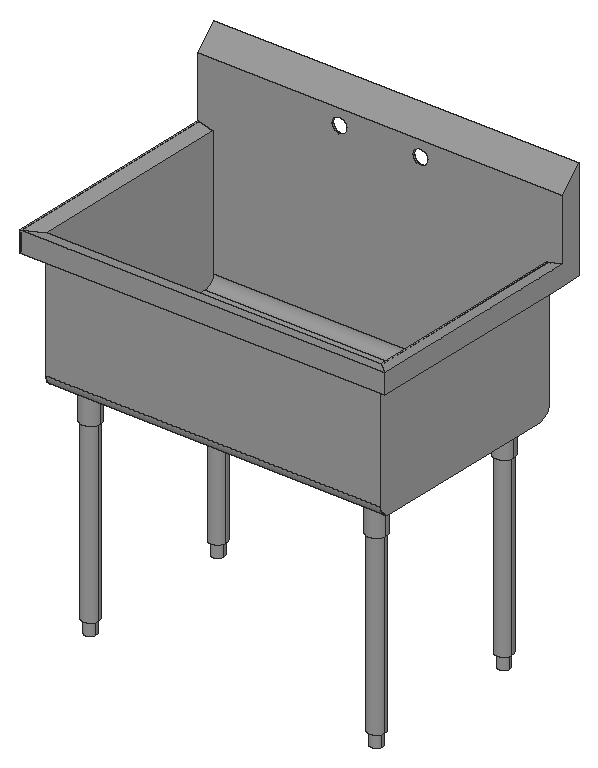
Revit family "equip-sink-elkay-Sturdibilt-S", category Plumbing Fixtures, Revit 2019
Family settings
  Round Connector Dimension = Use Diameter
  Part Type = Normal
  Work Plane-Based = No
  Always vertical = Yes
  Cut with Voids When Loaded = No
  Shared = No
  Room Calculation Point = No
Parameters (values of type "ByType")
  Width = 2' - 0"
  URL = "http://www.elkayusa.com/cps/rde/xchg/elkay/hs.xsl/Default.aspx"
  Specification URL = "http://www.elkayusa.com/cps/rde/xbcr/elkay/04-02E_STURDIBILT_SCULLERY_SINGLE.pdf "
  Sink Material = Metal - Steel - Stainless - Chrome
  Model Number = " "
  Model = "Sturdibilt"  # constant formula
  Manufacturer = "Elkay Manufacturer"  # constant formula
  Length = 3' - 0"
  Hidden Width = if(Compartment Width > 0' 11", Width, (Compartment Width + Sink Rim Front Width + Backsplash Width))  # 2' - 0"
  Hidden Compartment Width = Width - Sink Rim Front Width - Backsplash Width  # 1' - 8 1/2"
  Hidden Compartment Length = Length - (Sink Rim Sides Width * 2)  # 2' - 9"
  Description = "Sturdibilt Single Compartment Scullery Sinks"  # constant formula
  Compartment Length = if(Hidden Compartment Length > 0' 8 1/2", Hidden Compartment Length, 0' 8 1/2")  # 2' - 9"
  Hidden Length = if((Compartment Length > 0' 8 1/2"), Length, ((Compartment Length + Sink Rim Sides Width * 2)))  # 3' - 0"
  Sink Rim Sides Width = 0' - 1 1/2"  # constant formula
  Sink Rim Front Width = 0' - 1 1/2"  # constant formula
  Backsplash Width = 0' - 2"  # constant formula
  Sink Drain Location = Compartment Width / 2  # 0' - 10 1/4"
  Compartment Depth = 1' - 2"
  Compartment Width = if(Hidden Compartment Width > 0' 11", Hidden Compartment Width, 0' 11")  # 1' - 8 1/2"
  Rim Height = 3' - 0"
  Hole 1 to 2 = 0' - 8"
  Hole 1 From CL = 0' - 4"
  Faucet CL from Top Backsplash = 0' - 3 1/2"
  Backsplash Height = 0' - 8"
Reference planes (in)
  plane 1 "CL Sink Hole": y = -0.25
  plane 2 "Bottom": z = 0
  plane 3 "Center (Left/Right)": x = -6
  plane 4 "Basin Edge Left": x = -22.5
  plane 5 "Basin Edge Right": x = 10.5
  plane 6 "Basin Edge Back": y = 10
  plane 7 "Basin Edge Front": y = -10.5
  plane 8 "Left": x = -24
  plane 9 "Right": x = 12
  plane 10 "Back": y = 12
  plane 11 "Front": y = -12
  plane 12 "Sink Bowl Bottom (Top Face)": z = 22
  plane 13 "Sink Bowl Bottom (Bottom Face)": z = 21.875
  plane 14 "Sink Bottom Piece Back Edge": y = 9
  plane 15 "Sink Bottom Piece Front Edge": y = -9.5
  plane 16 "Center (Front/Back)": y = 0
  plane 17 "Sink Rim Top": z = 36
  plane 18 "Sink Bowl Bottom Radius Top Tangent": z = 23
  plane 19 "Sink Rim Inside Lower Edge": z = 35.59808
  plane 20: z = 44
  plane 21 "Backsplash Angle": z = 42
  plane 22 "Backsplash Side Piece Front": y = 10.125
  plane 23 "Backsplash Side Piece Top": z = 43.82322
  plane 24 "Backsplash Side Piece Angle": z = 41.94822
  plane 25 "Backsplash Side Piece Bottom": z = 34
  plane 26 "Backsplash Side Right Piece Inside Edge": x = 11.875
  plane 27 "Backsplash Side Left Piece Inside Edge": x = -23.875
  plane 28 "Basin Edge Right Outside Face": x = 10.5625
  plane 29 "Basin Edge Left Outside Face": x = -22.5625
  plane 30 "Faucet Hole CL Elev": z = 40.5
  plane 31 "CL Faucet Hole Left": x = -10
  plane 32 "CL Faucet Hole Right": x = -2
  plane 33 "Leg Left CL": x = -20.125
  plane 34 "Leg Front CL": y = -8.125
  plane 35: z = 18.825
  plane 36: z = 1.3125
  plane 37 "Leg Right CL": x = 8.125
  plane 38 "Leg Back CL": y = 7.625
  plane 39 "Basin Edge Front Outside Edge": y = -10.625
  plane 40 "Basin Edge Back Outside Edge": y = 10.125
Forms (in)
  Sweep 1, solid, material "Metal - Steel - Stainless - Chrome" <- "Sink Material"
    path origin (0, 0, 36) x (0, -1, 0) y (1, 0, 0)
      loop
        line (-10.125, 12) -> (12, 12) -> (12, -24) -> (-10.125, -24)
    profile "profile-weldbilt-rim : profile-weldbilt-rim" origin (-24, -0.9375, 36) x (-1, 0, 0) y (0, 0, 1)
      loop
        line (-1.5, -0.40192) -> (-1.41389, -0.45164) -> (-0.07031, -0.09163) -> (-0.07031, -1.94605) -> (-0.42259, -2.04044) -> (-0.42259, -2.11323) -> (0, -2) -> (0, 0) -> (-1.5, -0.40192)
  Extrusion 2, solid, material "Metal - Steel - Stainless - Chrome" <- "Sink Material"
    sketch origin (-6, 0, 0) x (0, 1, 0) y (0, 0, 1)
      loop
        line (-10.625, 35.59808) -> (-10.625, 23)
        arc (-10.625, 23) -> (-10.2955, 22.2045) -> (-9.5, 21.875) r 1.125
        line (-9.5, 21.875) -> (9, 21.875)
        arc (9, 21.875) -> (9.7955, 22.2045) -> (10.125, 23) r 1.125
        line (10.125, 23) -> (10.125, 35.59808) -> (10, 35.59808) -> (10, 23)
        arc (10, 23) -> (9.70711, 22.29289) -> (9, 22) r 1
        line (9, 22) -> (-9.5, 22)
        arc (-9.5, 22) -> (-10.20711, 22.29289) -> (-10.5, 23) r 1
        line (-10.5, 23) -> (-10.5, 35.59808) -> (-10.625, 35.59808)
    from -16.5 to 16.5
  Extrusion 3, solid, material "Metal - Steel - Stainless - Chrome" <- "Sink Material"
    sketch origin (-6, 0, 0) x (0, 1, 0) y (0, 0, 1)
      loop
        line (10, 42) -> (10, 35.59808) -> (10.125, 35.59808) -> (10.125, 41.94822) -> (12, 43.82322) -> (12, 44) -> (10, 42)
    from -18 to 18
  Extrusion 4, solid, material "Metal - Steel - Stainless - Chrome" <- "Sink Material"
    sketch origin (12, 0, 0) x (0, 1, 0) y (0, 0, 1)
      loop
        line (12, 43.82322) -> (10.125, 41.94822) -> (10.125, 34) -> (12, 34) -> (12, 43.82322)
    from -0.125 to 0
  Extrusion 5, solid, material "Metal - Steel - Stainless - Chrome" <- "Sink Material"
    sketch origin (-18, 0, 0) x (0, 1, 0) y (0, 0, 1)
      loop
        line (12, 43.82322) -> (10.125, 41.94822) -> (10.125, 34) -> (12, 34) -> (12, 43.82322)
    from -6 to -5.875
  Extrusion 6, solid, material "Metal - Steel - Stainless - Chrome" <- "Sink Material"
    sketch origin (10.5, 0, 0) x (0, 1, 0) y (0, 0, 1)
      loop
        line (-10.625, 35.59808) -> (-10.625, 23)
        arc (-10.625, 23) -> (-10.2955, 22.2045) -> (-9.5, 21.875) r 1.125
        line (-9.5, 21.875) -> (9, 21.875)
        arc (9, 21.875) -> (9.7955, 22.2045) -> (10.125, 23) r 1.125
        line (10.125, 23) -> (10.125, 35.59808) -> (-10.625, 35.59808)
    from 0 to 0.0625
  Extrusion 7, solid, material "Metal - Steel - Stainless - Chrome" <- "Sink Material"
    sketch origin (-22.5, 0, 0) x (0, 1, 0) y (0, 0, 1)
      loop
        line (10.125, 35.59808) -> (-10.625, 35.59808) -> (-10.625, 23)
        arc (-10.625, 23) -> (-10.2955, 22.2045) -> (-9.5, 21.875) r 1.125
        line (-9.5, 21.875) -> (9, 21.875)
        arc (9, 21.875) -> (9.7955, 22.2045) -> (10.125, 23) r 1.125
        line (10.125, 23) -> (10.125, 35.59808)
    from -0.0625 to 0
  Extrusion 8, void
    sketch origin (0, -0.25, 0) x (1, 0, 0) y (0, 0, 1)
      loop
        circle (-10, 40.5) r 0.75
    from -10.375 to -10.25
  Extrusion 9, void
    sketch origin (0, -0.25, 0) x (1, 0, 0) y (0, 0, 1)
      loop
        circle (-2, 40.5) r 0.75
    from -10.375 to -10.25
  Extrusion 10, void
    sketch origin (-45.27944, 78.60934, 0) x (1, 0, 0) y (0, 1, 0)
      loop
        circle (39.27944, -78.85934) r 2.375
    from 21.875 to 22
  Revolve 11, solid, material "Metal - Steel - Stainless - Chrome" <- "Sink Material"
    sketch origin (0, -8.125, 0) x (-1, 0, 0) y (0, 0, 1)
      loop
        line (20.9375, 18.825) -> (21.095, 18.825) -> (21.095, 21.875) -> (20.125, 21.875) -> (20.125, 0) -> (20.6875, 0) -> (20.6875, 1.3125) -> (20.9375, 1.3125) -> (20.9375, 18.825)
      axis (20.125, 21.875) -> (20.125, 0)
    angle from 0 to 360
  Revolve 12, solid, material "Metal - Steel - Stainless - Chrome" <- "Sink Material"
    sketch origin (0, -8.125, 0) x (-1, 0, 0) y (0, 0, 1)
      loop
        line (-8.9375, 18.825) -> (-8.9375, 1.3125) -> (-8.6875, 1.3125) -> (-8.6875, 0) -> (-8.125, 0) -> (-8.125, 21.875) -> (-9.095, 21.875) -> (-9.095, 18.825) -> (-8.9375, 18.825)
      axis (-8.125, 21.875) -> (-8.125, 0)
    angle from 0 to 360
  Revolve 13, solid, material "Metal - Steel - Stainless - Chrome" <- "Sink Material"
    sketch origin (0, 7.625, 0) x (-1, 0, 0) y (0, 0, 1)
      loop
        line (-8.9375, 18.825) -> (-8.9375, 1.3125) -> (-8.6875, 1.3125) -> (-8.6875, 0) -> (-8.125, 0) -> (-8.125, 21.875) -> (-9.095, 21.875) -> (-9.095, 18.825) -> (-8.9375, 18.825)
      axis (-8.125, 21.875) -> (-8.125, 0)
    angle from 0 to 360
  Revolve 14, solid, material "Metal - Steel - Stainless - Chrome" <- "Sink Material"
    sketch origin (0, 7.625, 0) x (-1, 0, 0) y (0, 0, 1)
      loop
        line (19.3125, 18.825) -> (19.3125, 1.3125) -> (19.5625, 1.3125) -> (19.5625, 0) -> (20.125, 0) -> (20.125, 21.875) -> (19.155, 21.875) -> (19.155, 18.825) -> (19.3125, 18.825)
      axis (20.125, 21.875) -> (20.125, 0)
    angle from 0 to 360
  Sweep 15, solid, material "Metal - Steel - Stainless - Chrome" <- "Sink Material"
    path origin (0, 0, 22) x (-1, 0, 0) y (0, -1, 0)
      loop
        circle (6, 0.25) r 2.375
    profile "profile-elkay-sink-hole-1 : profile-elkay-sink-hole-1" origin (-6, -2.625, 22) x (0, 1, 0) y (0, 0, 1)
      loop
        arc (0.10775, -0.05529) -> (0.06053, -0.01467) -> (0, 0) r 0.133
        line (0, 0) -> (0, -0.07422)
        arc (0, -0.07422) -> (0.0267, -0.08072) -> (0.04752, -0.09865) r 0.05878
        line (0.04752, -0.09865) -> (0.12152, -0.20143) -> (0.5715, -0.40832) -> (0.5715, -0.32577) -> (0.16939, -0.14089) -> (0.10775, -0.05529)
Cuts and joins
  Extrusion 10 cuts Extrusion 2
  Extrusion 8, Extrusion 9 cuts Extrusion 3
  Extrusion 10 cuts Extrusion 6
  joined: Sweep 1, Extrusion 2, Extrusion 3, Extrusion 4, Extrusion 5, Extrusion 6, Extrusion 7, Sweep 15
Lines and regions (in)
  Masking region 1
    outline origin (0, 0, 0) x (1, 0, 0) y (0, 1, 0)
      loop
        line (-24, 12) -> (-24, -12) -> (12, -12) -> (12, 12) -> (-24, 12)
  reference lines
    curve 1: arc (-6, -9.5, 22) -> (-6, -10.20711, 22.29289) -> (-6, -10.5, 23) r 1
    curve 2: arc (-6, 10, 23) -> (-6, 9.70711, 22.29289) -> (-6, 9, 22) r 1
    curve 3: line (-20.125, -8.125, 21.875) -> (-20.125, -8.125, 0)
    curve 4: line (8.125, -8.125, 22) -> (8.125, -8.125, 0)
    curve 5: line (8.125, 7.625, 21.875) -> (8.125, 7.625, 0)
    curve 6: line (-20.125, 7.625, 21.875) -> (-20.125, 7.625, 0)
    curve 15: arc (-6, 10.125, 23) -> (-6, 9.7955, 22.2045) -> (-6, 9, 21.875) r 1.125
    curve 16: arc (-6, -10.625, 23) -> (-6, -10.2955, 22.2045) -> (-6, -9.5, 21.875) r 1.125
  symbolic lines
    curve 7: line (-24, 10, 0) -> (12, 10, 0)
    curve 8: line (-22.5, -10.5, 0) -> (-22.5, 10, 0)
    curve 9: line (10.5, -10.5, 0) -> (-22.5, -10.5, 0)
    curve 10: line (10.5, 10, 0) -> (10.5, -10.5, 0)
    curve 11: circle (-6, -0.25, 0) r 2.375 normal (0, 0, 1)
    curve 12: line (-22.5, -10.5, 0) -> (-24, -12, 0)
    curve 13: line (12, -12, 0) -> (10.5, -10.5, 0)
    curve 14: circle (-6, -0.25, 0) r 1.75 normal (0, 0, 1)
Dimensions and locks (in)
  equal spacing: plane 8 "Left", plane 3 "Center (Left/Right)", plane 9 "Right"
  "Sink Rim Sides Width": plane 8 "Left" to plane 4 "Basin Edge Left"
  "Sink Rim Sides Width": plane 5 "Basin Edge Right" to plane 9 "Right"
  "Hidden Length": plane 8 "Left" to plane 9 "Right"
  "Sink Drain Location": plane 6 "Basin Edge Back" to plane 1 "CL Sink Hole"
  "Backsplash Width": plane 10 "Back" to plane 6 "Basin Edge Back"
  "Sink Rim Front Width": plane 7 "Basin Edge Front" to plane 11 "Front"
  "Hidden Width": plane 10 "Back" to plane 11 "Front"
  locked: plane 15 "Sink Bottom Piece Front Edge" to plane 7 "Basin Edge Front" at 1
  locked: plane 6 "Basin Edge Back" to plane 14 "Sink Bottom Piece Back Edge" at 1
  equal spacing: plane 10 "Back", plane 16 "Center (Front/Back)", plane 11 "Front"
  "Compartment Depth": plane 17 "Sink Rim Top" to plane 12 "Sink Bowl Bottom (Top Face)"
  "Rim Height": plane 17 "Sink Rim Top" to plane 2 "Bottom"
  locked: plane 18 "Sink Bowl Bottom Radius Top Tangent" to plane 12 "Sink Bowl Bottom (Top Face)" at 1
  locked: plane 17 "Sink Rim Top" to plane 19 "Sink Rim Inside Lower Edge" at 0.40192
  "Backsplash Height": plane 20 to plane 17 "Sink Rim Top"
  locked: plane 20 to plane 21 "Backsplash Angle" at 2
  locked: plane 20 to plane 23 "Backsplash Side Piece Top" at 0.17678
  locked: plane 6 "Basin Edge Back" to plane 22 "Backsplash Side Piece Front" at 0.125
  locked: plane 21 "Backsplash Angle" to plane 24 "Backsplash Side Piece Angle" at 0.05178
  locked: plane 26 "Backsplash Side Right Piece Inside Edge" to plane 9 "Right" at 0.125
  locked: plane 8 "Left" to plane 27 "Backsplash Side Left Piece Inside Edge" at 0.125
  locked: plane 5 "Basin Edge Right" to plane 28 "Basin Edge Right Outside Face" at 0.0625
  plane 29 "Basin Edge Left Outside Face" to plane 4 "Basin Edge Left" = 0' - 0 1/16"
  locked: plane 17 "Sink Rim Top" to plane 25 "Backsplash Side Piece Bottom" at 2
  locked: plane 34 "Leg Front CL" to plane 7 "Basin Edge Front" at 2.375
  locked: plane 4 "Basin Edge Left" to plane 33 "Leg Left CL" at 2.375
  "Hole 1 From CL": plane 31 "CL Faucet Hole Left" to plane 3 "Center (Left/Right)"
  "Hole 1 to 2": plane 31 "CL Faucet Hole Left" to plane 32 "CL Faucet Hole Right"
  locked: plane 12 "Sink Bowl Bottom (Top Face)" to plane 13 "Sink Bowl Bottom (Bottom Face)" at 0.125
  locked: plane 12 "Sink Bowl Bottom (Top Face)" to plane 35 at 3.175
  locked: plane 36 to plane 2 "Bottom" at 1.3125
  "Faucet CL from Top Backsplash": plane 20 to plane 30 "Faucet Hole CL Elev"
  locked: plane 37 "Leg Right CL" to plane 5 "Basin Edge Right" at 2.375
  locked: plane 6 "Basin Edge Back" to plane 38 "Leg Back CL" at 2.375
  locked: nested 1 to plane 9 "Right" at 4
  locked: plane 10 "Back" to nested 1 at 1
  locked: plane 39 "Basin Edge Front Outside Edge" to plane 7 "Basin Edge Front" at 0.125
  plane 6 "Basin Edge Back" to plane 40 "Basin Edge Back Outside Edge" = 0' - 0 1/8"
  aligned and locked: Extrusion 2 sketch curve to plane 6 "Basin Edge Back"
  aligned and locked: Extrusion 2 sketch curve to curve 2
  aligned and locked: Extrusion 2 sketch curve to curve 1
  aligned and locked: plane 5 "Basin Edge Right" to Extrusion 2
  aligned and locked: Extrusion 2 to plane 4 "Basin Edge Left"
  aligned and locked: Extrusion 2 sketch curve to plane 19 "Sink Rim Inside Lower Edge"  (x2)
  aligned and locked: Extrusion 3 sketch curve to plane 19 "Sink Rim Inside Lower Edge"
  aligned and locked: Extrusion 3 sketch curve to plane 10 "Back"
  aligned and locked: Extrusion 3 sketch curve to plane 6 "Basin Edge Back"
  aligned and locked: plane 9 "Right" to Extrusion 3
  aligned and locked: Extrusion 3 to plane 8 "Left"
  aligned and locked: plane 10 "Back" to Extrusion 4 sketch curve
  aligned and locked: Extrusion 4 sketch curve to plane 25 "Backsplash Side Piece Bottom"
  aligned and locked: Extrusion 4 sketch curve to plane 22 "Backsplash Side Piece Front"
  aligned and locked: Extrusion 4 to plane 26 "Backsplash Side Right Piece Inside Edge"
  aligned and locked: plane 9 "Right" to Extrusion 4
  aligned and locked: plane 22 "Backsplash Side Piece Front" to Sweep 1 sketch curve  (x2)
  aligned and locked: Extrusion 5 sketch curve to plane 10 "Back"
  aligned and locked: plane 22 "Backsplash Side Piece Front" to Extrusion 5 sketch curve
  aligned and locked: plane 25 "Backsplash Side Piece Bottom" to Extrusion 5 sketch curve
  aligned and locked: plane 27 "Backsplash Side Left Piece Inside Edge" to Extrusion 5
  aligned and locked: Extrusion 5 to plane 8 "Left"
  aligned and locked: Extrusion 6 sketch curve to plane 19 "Sink Rim Inside Lower Edge"
  aligned and locked: Extrusion 6 to plane 5 "Basin Edge Right"
  aligned and locked: plane 28 "Basin Edge Right Outside Face" to Extrusion 6
  aligned and locked: Extrusion 7 sketch curve to plane 19 "Sink Rim Inside Lower Edge"
  aligned and locked: Extrusion 7 to plane 29 "Basin Edge Left Outside Face"
  aligned and locked: plane 4 "Basin Edge Left" to Extrusion 7
  aligned and locked: plane 22 "Backsplash Side Piece Front" to Extrusion 9
  aligned and locked: Extrusion 9 to plane 6 "Basin Edge Back"
  aligned and locked: plane 22 "Backsplash Side Piece Front" to Extrusion 8
  aligned: Extrusion 8 to plane 14 "Sink Bottom Piece Back Edge"
  aligned and locked: Extrusion 8 to plane 6 "Basin Edge Back"
  aligned and locked: plane 12 "Sink Bowl Bottom (Top Face)" to Extrusion 10
  aligned and locked: Extrusion 10 to plane 13 "Sink Bowl Bottom (Bottom Face)"
  aligned and locked: Revolve 11 sketch curve to plane 13 "Sink Bowl Bottom (Bottom Face)"
  aligned and locked: Revolve 11 sketch curve to curve 3
  aligned and locked: curve 4 to plane 37 "Leg Right CL"
  aligned and locked: plane 12 "Sink Bowl Bottom (Top Face)" to curve 4
  aligned and locked: plane 2 "Bottom" to curve 4
  aligned and locked: Revolve 12 sketch curve to plane 36
  aligned and locked: Revolve 12 sketch curve to plane 35
  aligned and locked: plane 2 "Bottom" to Revolve 12 sketch curve  (x3)
  aligned and locked: plane 13 "Sink Bowl Bottom (Bottom Face)" to Revolve 12 sketch curve  (x2)
  aligned and locked: curve 4 to Revolve 12 sketch curve  (x2)
  aligned and locked: Revolve 13 sketch curve to plane 2 "Bottom"
  aligned and locked: plane 36 to Revolve 13 sketch curve
  aligned and locked: plane 35 to Revolve 13 sketch curve
  aligned and locked: Revolve 13 sketch curve to plane 13 "Sink Bowl Bottom (Bottom Face)"
  aligned and locked: plane 37 "Leg Right CL" to Revolve 13 sketch curve
  aligned and locked: Revolve 13 sketch curve to curve 5
  aligned and locked: Revolve 14 sketch curve to plane 2 "Bottom"
  aligned and locked: plane 36 to Revolve 14 sketch curve
  aligned and locked: plane 35 to Revolve 14 sketch curve
  aligned and locked: Revolve 14 sketch curve to plane 13 "Sink Bowl Bottom (Bottom Face)"
  aligned and locked: plane 33 "Leg Left CL" to Revolve 14 sketch curve
  aligned and locked: plane 2 "Bottom" to Revolve 14 sketch curve
  aligned and locked: Revolve 14 sketch curve to plane 33 "Leg Left CL"
  aligned and locked: Masking region 1 sketch curve to plane 10 "Back"
  aligned and locked: plane 8 "Left" to Masking region 1 sketch curve
  aligned and locked: Masking region 1 sketch curve to plane 9 "Right"
  aligned and locked: plane 11 "Front" to Masking region 1 sketch curve
  aligned and locked: plane 7 "Basin Edge Front" to curve 9
  aligned and locked: plane 4 "Basin Edge Left" to curve 8
  aligned and locked: curve 7 to plane 6 "Basin Edge Back"
  aligned and locked: plane 8 "Left" to curve 7
  aligned and locked: plane 9 "Right" to curve 7
  aligned and locked: Extrusion 6 sketch curve to plane 39 "Basin Edge Front Outside Edge"
  aligned and locked: Extrusion 6 sketch curve to plane 40 "Basin Edge Back Outside Edge"
  aligned and locked: Extrusion 6 sketch curve to curve 16
  aligned and locked: Extrusion 6 sketch curve to curve 15
  aligned and locked: Extrusion 7 sketch curve to curve 16
  aligned and locked: Extrusion 7 sketch curve to curve 15
  aligned and locked: plane 23 "Backsplash Side Piece Top" to Extrusion 4 sketch curve
  aligned and locked: plane 24 "Backsplash Side Piece Angle" to Extrusion 4 sketch curve
Automatic sketch dimensions
  Sweep 1 sketch curve to plane 8 "Left" = 0' - 0"
  Sweep 1 sketch curve to plane 11 "Front" = 0' - 0"
  Sweep 1 sketch curve to plane 9 "Right" = 0' - 0"
  Extrusion 3 sketch curve to plane 20 = 0' - 0"
  Extrusion 5 sketch curve to plane 24 "Backsplash Side Piece Angle" = 0' - 0"
  Extrusion 5 sketch curve to plane 23 "Backsplash Side Piece Top" = 0' - 0"
  Extrusion 8 sketch curve to plane 30 "Faucet Hole CL Elev" = 0' - 0"
  Extrusion 8 sketch curve to plane 31 "CL Faucet Hole Left" = 0' - 0"
  Extrusion 9 sketch curve to plane 30 "Faucet Hole CL Elev" = 0' - 0"
  Extrusion 9 sketch curve to plane 32 "CL Faucet Hole Right" = 0' - 0"
  Extrusion 10 sketch curve to plane 1 "CL Sink Hole" = 0' - 0"
  plane 3 "Center (Left/Right)" to Extrusion 10 sketch curve = 0' - 0"
  curve 3 to level = 0' - 0"
  curve 3 to plane 33 "Leg Left CL" = 0' - 0"
  curve 3 to plane 13 "Sink Bowl Bottom (Bottom Face)" = 0' - 0"
  Revolve 11 sketch curve to plane 33 "Leg Left CL" = 0' - 0"
  Revolve 11 sketch curve to level = 0' - 0"  (x2)
  Revolve 11 sketch curve to plane 36 = 0' - 0"
  Revolve 11 sketch curve to plane 35 = 0' - 0"
  Revolve 11 sketch curve to plane 13 "Sink Bowl Bottom (Bottom Face)" = 0' - 0"
  Revolve 11 sketch curve to Revolve 11 sketch curve = 0' - 0 9/16"
  Revolve 11 sketch curve to Revolve 11 sketch curve = 0' - 0 1/4"
  Revolve 11 sketch curve to Revolve 11 sketch curve = 0' - 0.1575"
  plane 37 "Leg Right CL" to Revolve 12 sketch curve = 0' - 0 9/16"
  plane 37 "Leg Right CL" to Revolve 12 sketch curve = 0' - 0 13/16"
  Revolve 12 sketch curve to Revolve 12 sketch curve = 0' - 0.1575"
  curve 5 to level = 0' - 0"
  curve 5 to plane 37 "Leg Right CL" = 0' - 0"
  curve 5 to plane 13 "Sink Bowl Bottom (Bottom Face)" = 0' - 0"
  Revolve 13 sketch curve to level = 0' - 0"
  Revolve 13 sketch curve to plane 13 "Sink Bowl Bottom (Bottom Face)" = 0' - 0"
  plane 37 "Leg Right CL" to Revolve 13 sketch curve = 0' - 0 9/16"
  Revolve 13 sketch curve to Revolve 13 sketch curve = 0' - 0 1/4"
  Revolve 13 sketch curve to Revolve 13 sketch curve = 0' - 0.97"
  Revolve 14 sketch curve to plane 13 "Sink Bowl Bottom (Bottom Face)" = 0' - 0"
  plane 33 "Leg Left CL" to Revolve 14 sketch curve = 0' - 0 9/16"
  Revolve 14 sketch curve to Revolve 14 sketch curve = 0' - 0 1/4"
  Revolve 14 sketch curve to Revolve 14 sketch curve = 0' - 0.97"
  curve 6 to level = 0' - 0"
  curve 6 to plane 33 "Leg Left CL" = 0' - 0"
  curve 6 to plane 13 "Sink Bowl Bottom (Bottom Face)" = 0' - 0"
  plane 1 "CL Sink Hole" to Sweep 15 sketch curve = 0' - 0"
  Sweep 15 sketch curve to plane 3 "Center (Left/Right)" = 0' - 0"
  curve 11 to curve 14 = 0' - 0"  (x2)
  curve 12 to plane 8 "Left" = 0' - 0"
  plane 1 "CL Sink Hole" to curve 14 = 0' - 0"
  curve 14 to plane 3 "Center (Left/Right)" = 0' - 0"
  curve 13 to plane 5 "Basin Edge Right" = 0' - 0"
  curve 13 to plane 9 "Right" = 0' - 0"
  curve 13 to plane 11 "Front" = 0' - 0"
  curve 12 to plane 11 "Front" = 0' - 0"
  curve 1 to curve 16 = 0' - 0"  (x2)
  curve 2 to curve 15 = 0' - 0"  (x2)
  curve 16 to plane 18 "Sink Bowl Bottom Radius Top Tangent" = 0' - 0"
  curve 16 to plane 39 "Basin Edge Front Outside Edge" = 0' - 0"
  curve 1 to plane 7 "Basin Edge Front" = 0' - 0"
  curve 1 to plane 12 "Sink Bowl Bottom (Top Face)" = 0' - 0"
  curve 15 to plane 14 "Sink Bottom Piece Back Edge" = 0' - 0"
  curve 2 to plane 6 "Basin Edge Back" = 0' - 0"
  curve 15 to plane 18 "Sink Bowl Bottom Radius Top Tangent" = 0' - 0"
  curve 15 to plane 40 "Basin Edge Back Outside Edge" = 0' - 0"
  plane 23 "Backsplash Side Piece Top" to Extrusion 3 sketch curve = 0' - 0"
  Extrusion 3 sketch curve to plane 21 "Backsplash Angle" = 0' - 0"
  Extrusion 3 sketch curve to plane 22 "Backsplash Side Piece Front" = 0' - 0"
  Extrusion 3 sketch curve to plane 21 "Backsplash Angle" = 0' - 0.05178"
  Extrusion 2 sketch curve to plane 39 "Basin Edge Front Outside Edge" = 0' - 0"
  Extrusion 2 sketch curve to Extrusion 2 sketch curve = 0' - 0"  (x4)
  radius of Extrusion 8 sketch curve = 0' - 0 3/4"
  radius of Extrusion 9 sketch curve = 0' - 0 3/4"
  radius of Extrusion 10 sketch curve = 0' - 2 3/8"
  radius of Sweep 15 sketch curve = 0' - 2 3/8"
  radius of curve 11 = 0' - 2 3/8"
  radius of curve 14 = 0' - 1 3/4"
Nested families (in)
  nested 1: "logo-elkay-detail" at (8, 11, 0), type "logo-elkay-detail"
Definition of nested family "logo-elkay-detail"
  Reference planes (in)
    plane 1 "Center (Front/Back)": y = 0
    plane 2: z = 0
    plane 3 "Center (Left/Right)": x = 0
  Lines and regions (in)
    detail lines, in view "Ref. Level"
      curve 1: line (-1.81545, 0.37736, 0) -> (-2.86608, 0.37736, 0)
      curve 2: line (-2.86608, 0.37736, 0) -> (-2.99916, -0.37736, 0)
      curve 3: line (-2.99916, -0.37736, 0) -> (-1.89769, -0.37736, 0)
      curve 4: line (-1.89769, -0.37736, 0) -> (-1.87836, -0.26772, 0)
      curve 5: line (-1.87836, -0.26772, 0) -> (-2.75664, -0.26772, 0)
      curve 6: line (-2.75664, -0.26772, 0) -> (-2.71915, -0.05507, 0)
      curve 7: line (-2.71915, -0.05507, 0) -> (-1.94254, -0.05507, 0)
      curve 8: line (-1.94254, -0.05507, 0) -> (-1.92312, 0.05507, 0)
      curve 9: line (-1.92312, 0.05507, 0) -> (-2.71407, 0.05507, 0)
      curve 10: line (-2.71407, 0.05507, 0) -> (-2.67657, 0.26772, 0)
      curve 11: line (-2.67657, 0.26772, 0) -> (-1.83479, 0.26772, 0)
      curve 12: line (-1.83479, 0.26772, 0) -> (-1.81545, 0.37736, 0)
      curve 13: line (-1.55864, -0.26772, 0) -> (-1.44489, 0.37736, 0)
      curve 14: line (-1.44489, 0.37736, 0) -> (-1.65384, 0.37736, 0)
      curve 15: line (-1.65384, 0.37736, 0) -> (-1.78692, -0.37736, 0)
      curve 16: line (-1.78692, -0.37736, 0) -> (-0.81843, -0.37736, 0)
      curve 17: line (-0.81843, -0.37736, 0) -> (-0.7991, -0.26772, 0)
      curve 18: line (-0.7991, -0.26772, 0) -> (-1.55864, -0.26772, 0)
      curve 19: line (-0.70839, -0.37736, 0) -> (-0.57531, 0.37736, 0)
      curve 20: line (-0.57531, 0.37736, 0) -> (-0.36636, 0.37736, 0)
      curve 21: line (-0.36636, 0.37736, 0) -> (-0.44053, -0.04327, 0)
      curve 22: line (-0.44053, -0.04327, 0) -> (0.30095, 0.37736, 0)
      curve 23: line (0.30095, 0.37736, 0) -> (0.59826, 0.37736, 0)
      curve 24: line (0.59826, 0.37736, 0) -> (0.025, 0.05216, 0)
      curve 25: line (0.025, 0.05216, 0) -> (0.49251, -0.37736, 0)
      curve 26: line (0.49251, -0.37736, 0) -> (0.1672, -0.37736, 0)
      curve 27: line (0.1672, -0.37736, 0) -> (-0.17613, -0.06193, 0)
      curve 28: line (-0.17613, -0.06193, 0) -> (-0.47357, -0.23067, 0)
      curve 29: line (-0.47357, -0.23067, 0) -> (-0.49944, -0.37736, 0)
      curve 30: line (-0.49944, -0.37736, 0) -> (-0.70839, -0.37736, 0)
      curve 31: line (1.55597, -0.12503, 0) -> (1.3377, 0.32386, 0)
      curve 32: line (1.3377, 0.32386, 0) -> (0.94493, -0.12503, 0)
      curve 33: line (0.94493, -0.12503, 0) -> (1.55597, -0.12503, 0)
      curve 34: line (1.55608, 0.37736, 0) -> (1.92307, -0.37736, 0)
      curve 35: line (1.92307, -0.37736, 0) -> (1.67867, -0.37736, 0)
      curve 36: line (1.67867, -0.37736, 0) -> (1.60734, -0.23067, 0)
      curve 37: line (1.60734, -0.23067, 0) -> (0.8525, -0.23067, 0)
      curve 38: line (0.8525, -0.23067, 0) -> (0.72414, -0.37736, 0)
      curve 39: line (0.72414, -0.37736, 0) -> (0.52921, -0.37736, 0)
      curve 40: line (0.52921, -0.37736, 0) -> (1.1896, 0.37736, 0)
      curve 41: line (1.1896, 0.37736, 0) -> (1.55608, 0.37736, 0)
      curve 42: line (1.98079, 0.37736, 0) -> (2.29994, 0.03841, 0)
      curve 43: line (2.29994, 0.03841, 0) -> (2.75395, 0.37736, 0)
      curve 44: line (2.75395, 0.37736, 0) -> (2.99916, 0.37736, 0)
      curve 45: line (2.99916, 0.37736, 0) -> (2.38123, -0.08397, 0)
      curve 46: line (2.38123, -0.08397, 0) -> (2.3295, -0.37736, 0)
      curve 47: line (2.3295, -0.37736, 0) -> (2.10632, -0.37736, 0)
      curve 48: line (2.10632, -0.37736, 0) -> (2.15092, -0.12442, 0)
      curve 49: line (2.15092, -0.12442, 0) -> (1.67845, 0.37736, 0)
      curve 50: line (1.67845, 0.37736, 0) -> (1.98079, 0.37736, 0)
